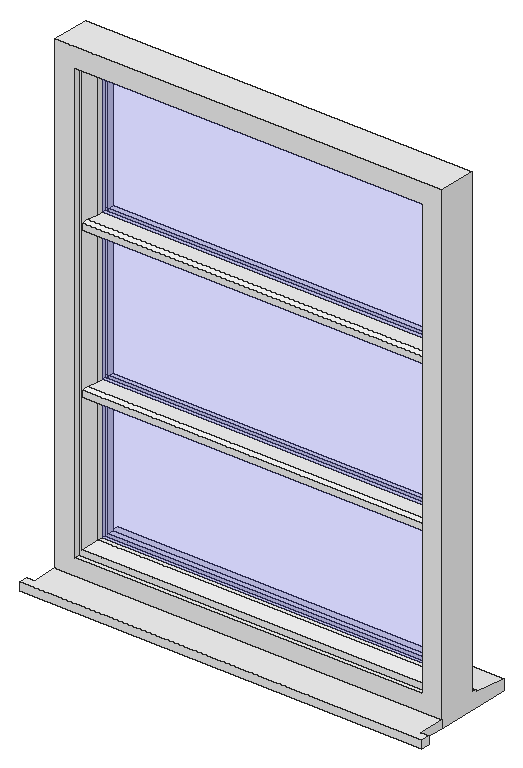
Revit family "MP_Windows_Dbl_Horz_Bars", category Windows, host Wall, Revit 2014
Parameters (values of type "910x910mm")
  Wrap Layers (Ext) from Ext = 102.5 mm
  Wrap Layers (Int) from Ext = 177.5 mm
  Window Board Projection = 25.0 mm
  Window Board Extension = 25.0 mm
  Visual Light Transmittance = 0.9
  Vis - Cavity Closers = yes
  Solar Heat Gain Coefficient = 0.86
  Rough Width = Width  # 1210.0 mm
  Rough Height = Height  # 1510.0 mm
  Operation = "SinglePanel"
  Construction Type Id = "SGL"
  Material Trim = Window Frame
  Material Glass = Glass
  Material Frame = Window Frame
  Manufacturer = "Revit"
  Keynote = "L10"
  Height = 1510.0 mm
  Wall Closure = By host
  Width = 1210.0 mm
  Heat Transfer Coefficient (U) = 5.5617 W/(m²·K)
  Glazing Thickness = 24.0 mm
  FrameOffset - External = 100.0 mm
  Frame Depth = 100.0 mm
  Default Head Height = 2110.0 mm
  Cill Depth = 125.0 mm
  Cavity Closer Width = 50.0 mm
  Cavity Closer Offset from Ext = 102.5 mm
  Cavity Closer Depth = 85.0 mm
  Analytic Construction = "Large single-glazed windows"
Types (7, lengths in mm): name | Rough Width | Rough Height | Height | Width | FrameOffset - External | Frame Depth | Cill Depth
  (no name) | 1210.0 | 1510.0 | 1510.0 | 1210.0 | 100.0 | 100.0 | 125.0
  910x910mm | 1210.0 | 1510.0 | 1510.0 | 1210.0 | 100.0 | 100.0 | 125.0
  910x1210mm | 910.0 | 1210.0 | 1210.0 | 910.0 | 50.0 | 65.0 | 87.5
  1360x910mm | 1360.0 | 910.0 | 910.0 | 1360.0 | 50.0 | 65.0 | 87.5
  1360x1210mm | 1360.0 | 1210.0 | 1210.0 | 1360.0 | 50.0 | 65.0 | 87.5
  1810x910mm | 1810.0 | 910.0 | 910.0 | 1810.0 | 50.0 | 65.0 | 87.5
  1810x1210mm | 1810.0 | 1210.0 | 1210.0 | 1810.0 | 50.0 | 65.0 | 87.5
Reference planes
  plane 1: y = 0
  plane 2 "Center (Left/Right)": x = 0
  plane 3 "Left": x = -605
  plane 4 "Right": x = 605
  plane 5 "Cill": z = 600
  plane 6 "Head": z = 2110
  plane 7 "Exterior": y = 158.457
  plane 8 "Interior": y = -141.543
  plane 9 "Back of Window": y = -41.543
  plane 10 "Wall Closure": y = 55.957
  plane 11 "Front Cill": y = 183.457
  plane 12 "Front Window Board": y = -166.543
  plane 13 "RHS Window Board": x = 630
  plane 14 "LHS Window Board": x = -630
  plane 15 "Ext Leaf Back": y = 55.957
  plane 16 "Face Window": y = 58.457
  plane 17: z = 1366.5
  plane 18: y = -19.043
  plane 19: z = 2070
  plane 20: z = 663
  plane 21: z = 1601
  plane 22: z = 1132
Forms (mm)
  Extrusion 1, solid, material "Window Frame" <- "Material Trim", detail levels medium+fine
    sketch origin (0, 0, 600) x (0, -1, 0) y (-1, 0, 0)
      loop
        line (141.543, 630) -> (141.543, 605) -> (59.543, 605) -> (59.543, -605) -> (141.543, -605) -> (141.543, -630) -> (166.543, -630) -> (166.543, 630) -> (141.543, 630)
    from 0 to -25
  Extrusion 2, solid, material "Window Frame" <- "Material Frame"
    sketch origin (0, 0, 0) x (0, 1, 0) y (0, 0, 1)
      loop
        line (-59.543, 600) -> (183.457, 600) -> (183.457, 633.809) -> (73.457, 644.745) -> (73.457, 649.688) -> (58.457, 651) -> (58.457, 663) -> (-41.543, 663) -> (-41.543, 675) -> (-59.543, 675) -> (-59.543, 600)
    from 605 to -605
  Sweep 3, solid, material "Window Frame" <- "Material Frame"
    path origin (0, -41.543, 0) x (1, 0, 0) y (0, 0, 1)
      loop
        line (-605, 663) -> (-605, 2110) -> (605, 2110) -> (605, 663)
    profile origin (0, 0, 1386.5) x (-1, 0, 0) y (0, -1, 0)
      loop
        line (605, 59.543) -> (545, 59.543) -> (545, 41.543) -> (565, 41.543) -> (565, -58.457) -> (605, -58.457) -> (605, 59.543)
  Sweep 4, solid, material "Window Frame" <- "Material Frame"
    path origin (0, 58.457, 0) x (1, 0, 0) y (0, 0, 1)
      loop
        line (565, 2070) -> (-565, 2070) -> (-565, 663) -> (565, 663) -> (565, 2070)
    profile origin (0, 0, 1366.5) x (0, -1, 0) y (1, 0, 0)
      loop
        line (-58.457, -575) -> (-58.457, -565) -> (41.543, -565) -> (41.543, -535.148) -> (-7.949, -525) -> (-22.457, -525) -> (-22.457, -535) -> (-46.457, -535) -> (-46.457, -525) -> (-64.23, -525) -> (-70.004, -535) -> (-70.004, -564.215) -> (-64.23, -575) -> (-58.457, -575)
  Extrusion 5, solid, material "Window Frame" <- "Material Frame"
    sketch origin (0, 0, 0) x (0, 1, 0) y (0, 0, 1)
      loop
        line (70.004, 1595.831) -> (70.004, 1606.169) -> (64.328, 1616) -> (46.457, 1616) -> (46.457, 1609) -> (22.457, 1609) -> (22.457, 1616) -> (-27.051, 1616) -> (-41.543, 1610.852) -> (-41.543, 1591.148) -> (-27.051, 1586) -> (22.457, 1586) -> (22.457, 1593) -> (46.457, 1593) -> (46.457, 1586) -> (64.328, 1586) -> (70.004, 1595.831)
      loop
        line (70.004, 1126.831) -> (70.004, 1137.169) -> (64.328, 1147) -> (46.457, 1147) -> (46.457, 1140) -> (22.457, 1140) -> (22.457, 1147) -> (-27.051, 1147) -> (-41.543, 1141.852) -> (-41.543, 1122.148) -> (-27.051, 1117) -> (22.457, 1117) -> (22.457, 1124) -> (46.457, 1124) -> (46.457, 1117) -> (64.328, 1117) -> (70.004, 1126.831)
    from -535.148 to 535.148
  Extrusion 6, solid, material "Glass" <- "Material Glass"
    sketch origin (535, 46.457, 2040) x (-1, 0, 0) y (0, 0, -1)
      loop
        line (1070, 1347) -> (-0.148, 1347) -> (-0.148, 913) -> (1070, 913) -> (1070, 1347)
      loop
        line (1070, 444.338) -> (1070, 903) -> (-0.148, 903) -> (-0.148, 444.338) -> (1070, 444.338)
      loop
        line (-0.148, 434) -> (-0.148, 0) -> (1070, 0) -> (1070, 434) -> (-0.148, 434)
    from 0 to 24 <- "Glazing Thickness"
Cuts and joins
  joined: Extrusion 2, Sweep 3
Lines and regions (mm)
  Opening 1
    outline origin (-5000, -141.543, 0) x (1, 0, 0) y (0, 0, 1)
      loop
        line (5605, 2110) -> (4395, 2110) -> (4395, 600) -> (5605, 600) -> (5605, 2110)
  Masking region 1
    outline origin (0, 0, 600) x (0, -1, 0) y (1, 0, 0)
      loop
        line (59.543, -605) -> (59.543, 605) -> (-183.457, 605) -> (-183.457, -605) -> (59.543, -605)
  symbolic lines, style "WindowsFrameMullionProjection"
    curve 1: line (-605, -59.543, 0) -> (605, -59.543, 0)
    curve 3: line (605, 58.457, 0) -> (-605, 58.457, 0)
    curve 5: line (-545, -59.543, 0) -> (-545, 58.457, 0)
    curve 6: line (545, -59.543, 0) -> (545, 58.457, 0)
    curve 7: line (-545, -0.543, 0) -> (545, -0.543, 0)
  symbolic lines, style "Elevation Swing"
    curve 2: line (-605, 58.457, 0) -> (-605, -59.543, 0)
    curve 4: line (605, -59.543, 0) -> (605, 58.457, 0)
    curve 20: line (-525, 0, 2030) -> (525, 0, 1366.5)
    curve 21: line (-525, 0, 703) -> (525, 0, 1366.5)
  symbolic lines, style "Cavity Closer", visible <- "Vis - Cavity Closers", detail levels medium+fine
    curve 8: line (-605, 55.957, 0) -> (-655, 55.957, 0)
    curve 9: line (-605, -29.043, 0) -> (-605, 55.957, 0)
    curve 10: line (-655, -29.043, 0) -> (-605, -29.043, 0)
    curve 11: line (-655, 55.957, 0) -> (-655, -29.043, 0)
    curve 12: line (-605, -29.043, 0) -> (-655, 55.957, 0)
    curve 13: line (-655, -29.043, 0) -> (-605, 55.957, 0)
    curve 14: line (605, 55.957, 0) -> (655, 55.957, 0)
    curve 15: line (605, -29.043, 0) -> (605, 55.957, 0)
    curve 16: line (655, -29.043, 0) -> (605, -29.043, 0)
    curve 17: line (655, 55.957, 0) -> (655, -29.043, 0)
    curve 18: line (605, -29.043, 0) -> (655, 55.957, 0)
    curve 19: line (655, -29.043, 0) -> (605, 55.957, 0)
  symbolic lines, style "WindowsSillHeadProjection"
    curve 22: line (605, 183.457, 0) -> (-605, 183.457, 0)
    curve 23: line (-605, 183.457, 0) -> (-605, 158.457, 0)
    curve 24: line (605, 183.457, 0) -> (605, 158.457, 0)
Text (mm)
  text "EXTERIOR" at (-1415.209, 454.062, 0), in view "Ref. Level"
  text "INTERIOR" at (-1415.209, -367.981, 0), in view "Ref. Level"
  text "Exterior" at (0, 923.751, 2943.296), in view "Right"
  text "Exterior" at (0, 1040.484, 2685.409), in view "Left"
Dimensions and locks
  equal spacing: plane 3 "Left", plane 2 "Center (Left/Right)", plane 4 "Right"
  "Width": plane 3 "Left" to plane 4 "Right"
  "Height": plane 5 "Cill" to plane 6 "Head"
  "Default Head Height": plane 6 "Head" to level
  locked: plane 7 "Exterior" to host wall at 0
  locked: plane 8 "Interior" to host wall
  "Window Board Projection": plane 12 "Front Window Board" to plane 8 "Interior"
  "Window Board Extension": plane 14 "LHS Window Board" to plane 3 "Left"
  "Window Board Extension": plane 4 "Right" to plane 13 "RHS Window Board"
  "Cavity Closer Offset from Ext": plane 15 "Ext Leaf Back" to plane 7 "Exterior"
  "Frame Depth": plane 9 "Back of Window" to plane 16 "Face Window"
  "FrameOffset - External": plane 16 "Face Window" to plane 7 "Exterior"
  locked: Extrusion 2 sketch curve to Extrusion 2 sketch curve at 18
  Extrusion 2 sketch curve to Extrusion 2 sketch curve = 12.0 mm
  plane 16 "Face Window" to Extrusion 2 sketch curve = 15.0 mm
  Sweep 4 sketch curve to Sweep 4 sketch curve = 10.0 mm
  equal spacing: Extrusion 2, Sweep 4 sketch curve, Sweep 4 sketch curve
  equal spacing: Sweep 3, Sweep 4 sketch curve, Sweep 4 sketch curve
  Sweep 4 sketch curve to Sweep 4 sketch curve = 17.774 mm
  "Glazing Thickness": Sweep 4 sketch curve to Sweep 4 sketch curve
  equal spacing: curve 3, curve 7, curve 1
  "Cavity Closer Depth": curve 8 to curve 10
  "Cavity Closer Width": curve 11 to plane 3 "Left"
  "Cavity Closer Depth": curve 14 to curve 16
  "Cavity Closer Width": plane 4 "Right" to curve 17
  "Cill Depth": plane 16 "Face Window" to plane 11 "Front Cill"
  locked: Extrusion 5 sketch curve to Extrusion 5 sketch curve at 7  (x4)
  locked: Extrusion 5 sketch curve to Extrusion 5 sketch curve at 5.676  (x4)
  locked: Extrusion 5 sketch curve to Extrusion 5 sketch curve at 14.493  (x4)
  "Wrap Layers (Ext) from Ext": plane 10 "Wall Closure" to plane 7 "Exterior"
  "Wrap Layers (Int) from Ext": plane 18 to plane 7 "Exterior"
  locked: plane 19 to plane 6 "Head" at 40
  locked: plane 5 "Cill" to plane 20 at 63
  equal spacing: plane 20, plane 17, plane 19
  plane 20 to plane 19 = 1407.0 mm
  equal spacing: plane 20, plane 22, plane 21, plane 19
  Extrusion 5 sketch curve to plane 21 to Extrusion 5 sketch curve = 15.0 mm locked, 15.0 mm locked
  Extrusion 5 sketch curve to plane 22 to Extrusion 5 sketch curve = 15.0 mm locked, 15.0 mm locked
  Extrusion 6 sketch curve to plane 21 to Extrusion 6 sketch curve = 5.0 mm locked, 5.338 mm locked
  Extrusion 6 sketch curve to plane 22 to Extrusion 6 sketch curve = 5.0 mm locked, 5.0 mm locked
  aligned and locked: plane 3 "Left" to Extrusion 1 sketch curve
  aligned and locked: Extrusion 1 sketch curve to plane 8 "Interior"  (x2)
  aligned and locked: Extrusion 1 sketch curve to plane 13 "RHS Window Board"
  aligned and locked: Extrusion 1 to plane 12 "Front Window Board"
  aligned and locked: plane 14 "LHS Window Board" to Extrusion 1 sketch curve
  aligned and locked: plane 9 "Back of Window" to Extrusion 2 sketch curve
  aligned and locked: plane 16 "Face Window" to Extrusion 2 sketch curve
  aligned and locked: plane 11 "Front Cill" to Extrusion 2 sketch curve
  aligned and locked: Extrusion 2 sketch curve to plane 5 "Cill"
  aligned and locked: plane 3 "Left" to Extrusion 2
  aligned and locked: Extrusion 2 to plane 4 "Right"
  aligned and locked: plane 16 "Face Window" to Sweep 3 sketch curve
  aligned and locked: Extrusion 1 to Extrusion 2
  aligned and locked: Sweep 4 sketch curve to Sweep 4 sketch curve
  aligned and locked: plane 9 "Back of Window" to Sweep 4 sketch curve
  aligned and locked: Sweep 3 to curve 5
  aligned and locked: curve 6 to Sweep 3
  aligned and locked: plane 3 "Left" to nested 1
  aligned and locked: curve 9 to plane 3 "Left"
  aligned and locked: plane 4 "Right" to nested 2
  aligned and locked: curve 15 to plane 4 "Right"
  aligned and locked: Extrusion 5 sketch curve to Extrusion 5 sketch curve  (x4)
  aligned and locked: Extrusion 5 to Sweep 4  (x2)
  aligned and locked: curve 1 to cut or joined group of Extrusion 2, Sweep 3
  aligned and locked: curve 22 to cut or joined group of Extrusion 2, Sweep 3
  aligned and locked: nested 2 to plane 15 "Ext Leaf Back"
  aligned and locked: plane 15 "Ext Leaf Back" to curve 14
  aligned and locked: nested 1 to plane 15 "Ext Leaf Back"
  aligned and locked: plane 15 "Ext Leaf Back" to curve 8
  aligned and locked: plane 3 "Left" to Masking region 1 sketch curve
  aligned and locked: plane 4 "Right" to Masking region 1 sketch curve
  aligned and locked: Masking region 1 sketch curve to plane 11 "Front Cill"
  aligned and locked: Masking region 1 sketch curve to Extrusion 1
  aligned and locked: Extrusion 5 sketch curve to Extrusion 6  (x2)
  aligned and locked: Extrusion 6 to Extrusion 5 sketch curve  (x2)
Automatic sketch dimensions
  curve 22 to plane 3 "Left" = 0.0 mm
  curve 3 to plane 3 "Left" = 0.0 mm
  curve 4 to plane 4 "Right" = 0.0 mm
  curve 24 to plane 4 "Right" = 0.0 mm
  curve 3 to plane 16 "Face Window" = 0.0 mm
  curve 23 to host wall = 0.0 mm
  curve 24 to host wall = 0.0 mm
  curve 21 to plane 17 = 0.0 mm
  plane 4 "Right" to curve 21 = 80.0 mm
  plane 19 to curve 20 = 40.0 mm
  curve 21 to plane 20 = 40.0 mm
  curve 20 to plane 3 "Left" = 80.0 mm
  curve 21 to plane 3 "Left" = 80.0 mm
  Extrusion 1 sketch curve to plane 4 "Right" = 0.0 mm
  Extrusion 1 sketch curve to plane 12 "Front Window Board" = 0.0 mm
  host wall to Extrusion 1 sketch curve = 68.0 mm
  plane 20 to Extrusion 2 sketch curve = 0.0 mm
  plane 20 to Extrusion 2 sketch curve = 29.191 mm
  Extrusion 2 sketch curve to Extrusion 2 sketch curve = 6.255 mm
  Extrusion 2 sketch curve to Extrusion 2 sketch curve = 4.943 mm
  Extrusion 2 sketch curve to plane 20 = 12.0 mm
  plane 3 "Left" to Sweep 3 sketch curve = 0.0 mm
  plane 4 "Right" to Sweep 3 sketch curve = 0.0 mm
  Sweep 3 sketch curve to plane 20 = 0.0 mm  (x2)
  Sweep 3 sketch curve to plane 6 "Head" = 0.0 mm
  Sweep 3 sketch curve to plane 9 "Back of Window" = 0.0 mm
  Sweep 3 sketch curve to profile plane = 0.0 mm
  profile plane to Sweep 3 sketch curve = 40.0 mm
  Sweep 3 sketch curve to Sweep 3 sketch curve = 20.0 mm
  plane 9 "Back of Window" to Sweep 3 sketch curve = 18.0 mm
  Sweep 4 sketch curve to plane 19 = 0.0 mm
  Sweep 4 sketch curve to plane 20 = 0.0 mm
  Sweep 4 sketch curve to plane 3 "Left" = 40.0 mm
  plane 4 "Right" to Sweep 4 sketch curve = 40.0 mm
  Sweep 4 sketch curve to plane 16 "Face Window" = 0.0 mm
  Sweep 4 sketch curve to profile plane = 0.0 mm
  Sweep 4 sketch curve to plane 16 "Face Window" = 5.774 mm
  Sweep 4 sketch curve to Sweep 4 sketch curve = 14.507 mm
  profile plane to Sweep 4 sketch curve = 10.0 mm
  Sweep 4 sketch curve to profile plane = 0.785 mm
  Sweep 4 sketch curve to Sweep 4 sketch curve = 29.852 mm
  Sweep 4 sketch curve to Sweep 4 sketch curve = 29.215 mm
  Sweep 4 sketch curve to Sweep 4 sketch curve = 0.148 mm
  Extrusion 5 sketch curve to plane 9 "Back of Window" = 0.0 mm  (x2)
  plane 16 "Face Window" to Extrusion 5 sketch curve = 12.0 mm  (x4)
  Extrusion 5 sketch curve to plane 16 "Face Window" = 5.871 mm  (x2)
  Extrusion 5 sketch curve to plane 22 = 9.852 mm
  Extrusion 5 sketch curve to plane 22 = 5.169 mm
  plane 22 to Extrusion 5 sketch curve = 5.169 mm
  plane 22 to Extrusion 5 sketch curve = 9.852 mm
  Extrusion 5 sketch curve to plane 21 = 9.852 mm
  Extrusion 5 sketch curve to plane 21 = 5.169 mm
  plane 21 to Extrusion 5 sketch curve = 5.169 mm
  plane 21 to Extrusion 5 sketch curve = 9.852 mm
  plane 3 "Left" to Opening 1 sketch curve = 0.0 mm
  plane 4 "Right" to Opening 1 sketch curve = 0.0 mm
  Opening 1 sketch curve to plane 5 "Cill" = 0.0 mm
  Opening 1 sketch curve to plane 6 "Head" = 0.0 mm
  Extrusion 6 sketch curve to Sweep 4 = 0.0 mm  (x5)
  Extrusion 6 sketch curve to Sweep 4 = 0.148 mm  (x3)
Nested families
  nested 1: "Cavity Closer" at (-655, 55.957, 0), visible <- "Vis - Cavity Closers", type "Cavity Closer", detail levels medium+fine
  nested 2: "Cavity Closer" at (655, 55.957, 0) x (-1, 0, 0) z (0, 0, 1), visible <- "Vis - Cavity Closers", type "Cavity Closer", detail levels medium+fine
Definition of nested family "Cavity Closer"
  Parameters
    Closer Width = 50.0 mm
    Closer Depth = 75.0 mm
  Reference planes
    plane 1 "Center (Front/Back)": y = 0
    plane 2: z = 0
    plane 3 "Center (Left/Right)": x = 0
    plane 4: x = 50, in view "Ref. Level"
    plane 5: y = -75, in view "Ref. Level"
  Lines and regions (mm)
    Masking region 1, in view "Ref. Level"
      outline origin (0, 0, 0) x (1, 0, 0) y (0, 1, 0)
        loop
          line (0, 0) -> (0, -75) -> (50, -75) -> (50, 0) -> (0, 0)
  Dimensions and locks
    "Closer Width": plane 3 "Center (Left/Right)" to plane 4
    "Closer Depth": plane 5 to plane 1 "Center (Front/Back)"
  Automatic sketch dimensions
    Masking region 1 sketch curve to plane 3 "Center (Left/Right)" = 0.0 mm
    Masking region 1 sketch curve to plane 4 = 0.0 mm
    Masking region 1 sketch curve to plane 5 = 0.0 mm
    Masking region 1 sketch curve to plane 1 "Center (Front/Back)" = 0.0 mm
